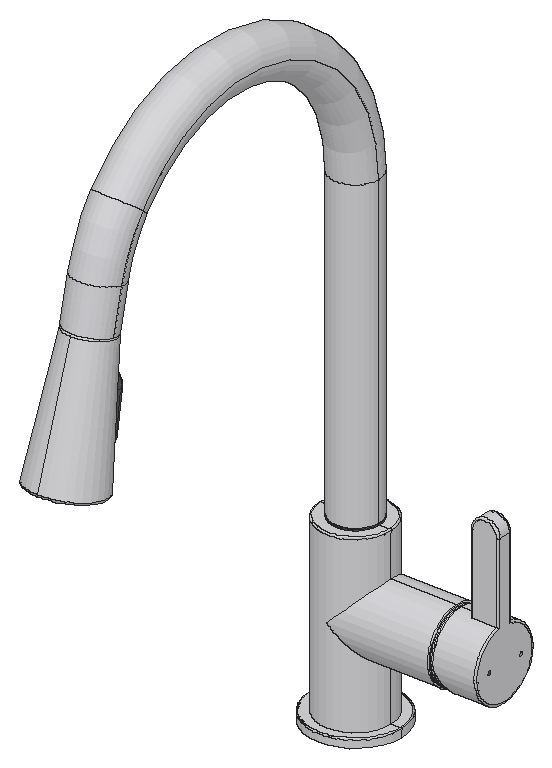
Revit family "Faucet-Kitchen-KOHLER-Atom-K-25981T", category Plumbing Fixtures, host Face, Revit 2022 (continued)
Definition of nested family "K-25981T"
  Lines and regions (in)
    symbolic lines, detail levels medium+fine
      curve 124: spline (0.50536, 0, 8.35722) -> (0.52062, 0, 8.35767) -> (0.53483, 0, 8.359) -> (0.54704, 0, 8.3611) -> (0.55641, 0, 8.36385) -> (0.5623, 0, 8.36705) -> (0.56431, 0, 8.37048) -> (0.5623, 0, 8.37391) -> (0.55641, 0, 8.37711) -> (0.54704, 0, 8.37986) -> (0.53483, 0, 8.38197) -> (0.52062, 0, 8.38329) -> (0.50536, 0, 8.38374)
      curve 125: spline (0.438, 0, 8.32695) -> (0.42331, 0, 8.32653) -> (0.40954, 0, 8.32531) -> (0.39756, 0, 8.32335) -> (0.38811, 0, 8.32079) -> (0.38179, 0, 8.31777) -> (0.379, 0, 8.3145) -> (0.3799, 0, 8.31118) -> (0.38445, 0, 8.30801) -> (0.39236, 0, 8.30519) -> (0.40312, 0, 8.30291) -> (0.41608, 0, 8.3013) -> (0.43041, 0, 8.30046)
      curve 126: spline (0.49712, 0, 8.31365) -> (0.49662, 0, 8.31538) -> (0.49511, 0, 8.31709) -> (0.49262, 0, 8.31874) -> (0.4892, 0, 8.3203) -> (0.48491, 0, 8.32174) -> (0.47981, 0, 8.32305) -> (0.47399, 0, 8.3242) -> (0.46756, 0, 8.32517) -> (0.46063, 0, 8.32593) -> (0.4533, 0, 8.32649) -> (0.44572, 0, 8.32683) -> (0.438, 0, 8.32695)
      curve 127: spline (0.52996, 0, 8.41572) -> (0.51464, 0, 8.41527) -> (0.50036, 0, 8.41394) -> (0.4881, 0, 8.41182) -> (0.47869, 0, 8.40906) -> (0.47278, 0, 8.40585) -> (0.47076, 0, 8.4024) -> (0.47278, 0, 8.39896) -> (0.47869, 0, 8.39575) -> (0.4881, 0, 8.39299) -> (0.50036, 0, 8.39087) -> (0.51464, 0, 8.38954) -> (0.52996, 0, 8.38909)
      curve 128: spline (0.52996, 0, 8.38909) -> (0.54528, 0, 8.38954) -> (0.55956, 0, 8.39087) -> (0.57182, 0, 8.39299) -> (0.58123, 0, 8.39575) -> (0.58714, 0, 8.39896) -> (0.58916, 0, 8.4024) -> (0.58714, 0, 8.40585) -> (0.58123, 0, 8.40906) -> (0.57182, 0, 8.41182) -> (0.55956, 0, 8.41394) -> (0.54528, 0, 8.41527) -> (0.52996, 0, 8.41572)
      curve 129: spline (0.52905, 0, 8.35181) -> (0.51244, 0, 8.35127) -> (0.49716, 0, 8.34971) -> (0.48446, 0, 8.34724) -> (0.47535, 0, 8.34407) -> (0.47057, 0, 8.34045) -> (0.47051, 0, 8.33667) -> (0.47516, 0, 8.33305) -> (0.48417, 0, 8.32986) -> (0.49679, 0, 8.32737) -> (0.51201, 0, 8.32578) -> (0.52861, 0, 8.32521) -> (0.54524, 0, 8.32572)
      curve 130: spline (0.58817, 0, 8.33851) -> (0.58766, 0, 8.34025) -> (0.58616, 0, 8.34195) -> (0.58367, 0, 8.3436) -> (0.58025, 0, 8.34516) -> (0.57595, 0, 8.34661) -> (0.57086, 0, 8.34792) -> (0.56504, 0, 8.34906) -> (0.55861, 0, 8.35003) -> (0.55168, 0, 8.3508) -> (0.54435, 0, 8.35136) -> (0.53677, 0, 8.3517) -> (0.52905, 0, 8.35181)
      curve 131: spline (-0.50623, 0, 8.35713) -> (-0.49094, 0, 8.35758) -> (-0.4767, 0, 8.35891) -> (-0.46447, 0, 8.36102) -> (-0.45509, 0, 8.36377) -> (-0.44919, 0, 8.36697) -> (-0.44717, 0, 8.37041) -> (-0.44919, 0, 8.37385) -> (-0.45509, 0, 8.37705) -> (-0.46447, 0, 8.37981) -> (-0.4767, 0, 8.38192) -> (-0.49094, 0, 8.38324) -> (-0.50623, 0, 8.3837)
      curve 132: spline (-0.50623, 0, 8.3837) -> (-0.52151, 0, 8.38324) -> (-0.53576, 0, 8.38192) -> (-0.54799, 0, 8.37981) -> (-0.55737, 0, 8.37705) -> (-0.56327, 0, 8.37385) -> (-0.56528, 0, 8.37041) -> (-0.56327, 0, 8.36697) -> (-0.55737, 0, 8.36377) -> (-0.54799, 0, 8.36102) -> (-0.53576, 0, 8.35891) -> (-0.52151, 0, 8.35758) -> (-0.50623, 0, 8.35713)
      curve 133: spline (-0.43081, 0, 8.3005) -> (-0.41639, 0, 8.3013) -> (-0.40332, 0, 8.30288) -> (-0.39241, 0, 8.30515) -> (-0.38437, 0, 8.30796) -> (-0.37969, 0, 8.31113) -> (-0.37868, 0, 8.31446) -> (-0.3814, 0, 8.31775) -> (-0.38768, 0, 8.32077) -> (-0.39711, 0, 8.32335) -> (-0.40911, 0, 8.32532) -> (-0.42291, 0, 8.32656) -> (-0.43764, 0, 8.32698)
      curve 134: spline (-0.43764, 0, 8.32698) -> (-0.44535, 0, 8.32686) -> (-0.45292, 0, 8.32652) -> (-0.46024, 0, 8.32597) -> (-0.46717, 0, 8.3252) -> (-0.47359, 0, 8.32423) -> (-0.4794, 0, 8.32309) -> (-0.48449, 0, 8.32178) -> (-0.48878, 0, 8.32033) -> (-0.4922, 0, 8.31878) -> (-0.49468, 0, 8.31713) -> (-0.49619, 0, 8.31543) -> (-0.49669, 0, 8.31369)
      curve 135: line (-0.58994, 0, 8.33858) -> (-0.58994, 0, 8.37051)
      curve 136: line (-0.47183, 0, 8.33858) -> (-0.47183, 0, 8.35961)
      curve 137: line (-0.49669, 0, 8.31369) -> (-0.49669, 0, 8.32775)
      curve 138: line (-0.37858, 0, 8.31369) -> (-0.37858, 0, 8.34574)
      curve 139: line (-0.56528, 0, 8.37041) -> (-0.56528, 0, 8.3918)
      curve 140: line (-0.44717, 0, 8.37041) -> (-0.44717, 0, 8.40193)
      curve 141: line (-0.58958, 0, 8.40256) -> (-0.58958, 0, 8.43474)
      curve 142: line (-0.4711, 0, 8.40256) -> (-0.4711, 0, 8.41646)
      curve 143: line (-0.49714, 0, 8.42748) -> (-0.49714, 0, 8.46171)
      curve 144: line (-0.37903, 0, 8.42748) -> (-0.37903, 0, 8.44463)
      curve 145: line (-0.44654, 0, 8.45778) -> (-0.44654, 0, 8.49003)
      curve 146: line (-0.32843, 0, 8.45778) -> (-0.32843, 0, 8.49003)
      curve 147: line (-0.31151, 0, 8.46908) -> (-0.31151, 0, 8.50262)
      curve 148: line (-0.1934, 0, 8.46908) -> (-0.1934, 0, 8.483)
      curve 149: line (-0.20163, 0, 8.48977) -> (-0.20163, 0, 8.5206)
      curve 150: line (-0.08352, 0, 8.48977) -> (-0.08352, 0, 8.5206)
      curve 151: line (-0.05879, 0, 8.48424) -> (-0.05879, 0, 8.5206)
      curve 152: line (0.05924, 0, 8.48424) -> (0.05924, 0, 8.5206)
      curve 153: line (0.08371, 0, 8.48965) -> (0.08371, 0, 8.5206)
      curve 154: line (0.20162, 0, 8.48965) -> (0.20162, 0, 8.5206)
      curve 155: line (0.19264, 0, 8.46931) -> (0.19264, 0, 8.48261)
      curve 156: line (0.31075, 0, 8.46931) -> (0.31075, 0, 8.50127)
      curve 157: line (0.32875, 0, 8.4577) -> (0.32875, 0, 8.49138)
      curve 158: line (0.44686, 0, 8.4577) -> (0.44686, 0, 8.49138)
      curve 159: line (0.37947, 0, 8.42746) -> (0.37947, 0, 8.44454)
      curve 160: line (0.49726, 0, 8.42746) -> (0.49726, 0, 8.46171)
      curve 161: line (0.47076, 0, 8.4024) -> (0.47076, 0, 8.4164)
      curve 162: line (0.58916, 0, 8.4024) -> (0.58916, 0, 8.43384)
      curve 163: line (0.4464, 0, 8.37048) -> (0.4464, 0, 8.40238)
      curve 164: line (0.56431, 0, 8.37048) -> (0.56431, 0, 8.39156)
      curve 165: line (0.58817, 0, 8.33851) -> (0.58817, 0, 8.37091)
      curve 166: line (0.46994, 0, 8.33851) -> (0.46994, 0, 8.35988)
      curve 167: line (0.37888, 0, 8.31365) -> (0.37888, 0, 8.34761)
      curve 168: line (0.49712, 0, 8.31365) -> (0.49712, 0, 8.32732)
      curve 169: arc (-0.47183, 0, 8.34894) -> (-0.4251, 0, 8.35033) -> (-0.37858, 0, 8.34574) r 0.36529
      curve 170: arc (-0.58994, 0, 8.37051) -> (-0.57749, 0, 8.37116) -> (-0.56503, 0, 8.37165) r 1.01767
      curve 171: arc (-0.58958, 0, 8.43474) -> (-0.54347, 0, 8.43942) -> (-0.49714, 0, 8.43812) r 0.35971
      curve 172: arc (-0.49714, 0, 8.46171) -> (-0.47193, 0, 8.46501) -> (-0.44654, 0, 8.46652) r 0.35824
      curve 173: arc (-0.44654, 0, 8.49003) -> (-0.38749, 0, 8.49405) -> (-0.32843, 0, 8.49003) r 0.43627
      curve 174: arc (-0.31151, 0, 8.50262) -> (-0.25664, 0, 8.50831) -> (-0.20163, 0, 8.50412) r 0.30766
      curve 175: arc (-0.20163, 0, 8.5206) -> (-0.14258, 0, 8.52567) -> (-0.08352, 0, 8.5206) r 0.34642
      curve 176: arc (-0.05879, 0, 8.5206) -> (0.00023, 0, 8.51917) -> (0.05924, 0, 8.5206) r 1.21331
      curve 177: arc (0.08371, 0, 8.5206) -> (0.14266, 0, 8.52523) -> (0.20162, 0, 8.5206) r 0.37804
      curve 178: arc (0.20162, 0, 8.50225) -> (0.25621, 0, 8.50472) -> (0.31075, 0, 8.50127) r 0.50441
      curve 179: arc (0.32875, 0, 8.49138) -> (0.3878, 0, 8.49368) -> (0.44686, 0, 8.49138) r 0.76183
      curve 180: arc (0.431, 0, 8.46648) -> (0.46424, 0, 8.46563) -> (0.49726, 0, 8.46171) r 0.36068
      curve 181: arc (0.49726, 0, 8.43605) -> (0.54326, 0, 8.43686) -> (0.58916, 0, 8.43384) r 0.55336
      curve 182: arc (0.4464, 0, 8.40238) -> (0.45914, 0, 8.40389) -> (0.47192, 0, 8.40503) r 0.4472
      curve 183: spline (0.08371, 0, 8.50208) -> (0.08168, 0, 8.50219) -> (0.07966, 0, 8.5023) -> (0.07762, 0, 8.50241) -> (0.07559, 0, 8.50251) -> (0.07356, 0, 8.50261) -> (0.07152, 0, 8.50271) -> (0.06948, 0, 8.5028) -> (0.06743, 0, 8.50289) -> (0.06539, 0, 8.50298) -> (0.06334, 0, 8.50307) -> (0.06129, 0, 8.50315) -> (0.05924, 0, 8.50323)
      curve 184: spline (-0.08352, 0, 8.50209) -> (-0.08148, 0, 8.50221) -> (-0.07943, 0, 8.50231) -> (-0.07737, 0, 8.50242) -> (-0.07532, 0, 8.50252) -> (-0.07326, 0, 8.50262) -> (-0.0712, 0, 8.50272) -> (-0.06914, 0, 8.50282) -> (-0.06707, 0, 8.50291) -> (-0.065, 0, 8.503) -> (-0.06293, 0, 8.50308) -> (-0.06086, 0, 8.50317) -> (-0.05879, 0, 8.50325)
      curve 185: arc (-0.4711, 0, 8.40511) -> (-0.45911, 0, 8.40372) -> (-0.44717, 0, 8.40193) r 0.35712
      curve 186: arc (0.56359, 0, 8.37255) -> (0.57589, 0, 8.37184) -> (0.58817, 0, 8.37091) r 0.70304
      curve 187: arc (0.46994, 0, 8.35134) -> (0.42428, 0, 8.35258) -> (0.37888, 0, 8.34761) r 0.335
      curve 188: line (0, -8.97723, 8.57408) -> (0, -7.63459, 8.26411)
      curve 189: line (0, -8.85336, 8.49151) -> (0, -7.87855, 8.26646)
      curve 190: line (0, -8.17125, 11.5437) -> (0, -7.10989, 11.29866)
      curve 191: line (0, -8.19481, 11.51635) -> (0, -7.11481, 11.26701)
      curve 192: line (0, -7.47565, 8.52189) -> (0, -7.16779, 10.86395)
      curve 193: line (0, -8.0279, 8.30094) -> (0, -8.01606, 8.35218)
      curve 194: line (0, -8.26744, 8.35624) -> (0, -8.2556, 8.40748)
      curve 195: line (0, -8.03221, 8.35591) -> (0, -8.04404, 8.30466)
      curve 196: line (0, -7.78665, 8.29922) -> (0, -7.79848, 8.24797)
      curve 197: line (0, -7.85178, 8.31425) -> (0, -7.86361, 8.26301)
      curve 198: line (0, -7.87807, 8.32032) -> (0, -7.8899, 8.26908)
      curve 199: line (0, -7.90079, 8.32557) -> (0, -7.91263, 8.27432)
      curve 200: line (0, -7.96675, 8.3408) -> (0, -7.97858, 8.28955)
      curve 201: line (0, -8.14056, 8.38092) -> (0, -8.1524, 8.32968)
      curve 202: line (0, -8.14728, 8.38247) -> (0, -8.15911, 8.33123)
      curve 203: line (0, -8.27956, 8.41301) -> (0, -8.29139, 8.36177)
      curve 204: line (0, -8.39298, 8.4392) -> (0, -8.40481, 8.38795)
      curve 205: line (0, -8.41815, 8.44501) -> (0, -8.42999, 8.39377)
      curve 206: line (0, -8.5248, 8.46963) -> (0, -8.53664, 8.41839)
      curve 207: line (0, -8.53289, 8.4715) -> (0, -8.54472, 8.42025)
      curve 208: line (0, -8.64056, 8.49636) -> (0, -8.65239, 8.44511)
      curve 209: line (0, -8.65697, 8.50015) -> (0, -8.6688, 8.4489)
      curve 210: line (0, -8.77258, 8.52684) -> (0, -8.78441, 8.47559)
      curve 211: line (0, -8.79554, 8.53214) -> (0, -8.80737, 8.48089)
  Dimensions and locks (in)
    plane 6 to plane 5 = 2.95276"
    plane 5 to level = 2.3622"
    plane 4 to level = 15.6748"
    plane 15 to plane 10 = 10.21924"
    plane 14 to plane 13 = 1.65354"
    plane 9 to plane 10 = 2.12598"
    plane 12 to plane 11 = 1.10236"
    plane 1 "Center (Front/Back)" to plane 17 = 8.36102"
    plane 6 to plane 20 = 3.77953"
    plane 19 to plane 18 = 0.35433"
    plane 16 to plane 3 "Center (Left/Right)" = 3.43898"
    plane 29 to level = 8.24229"
    aligned and locked: plane 2 to level
    aligned and locked: curve 20 to plane 14
